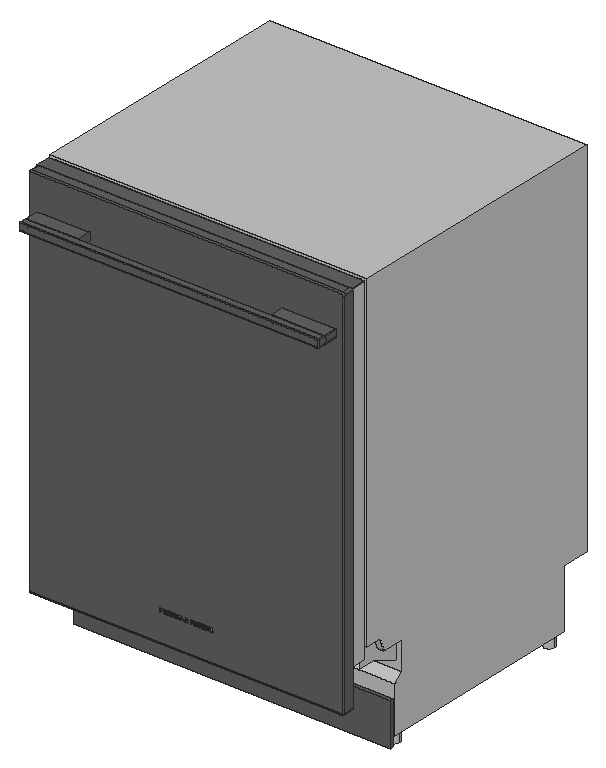
Revit family "FP_Revit_18_DW60UD6B_Dishwasher_90000924A", category Specialty Equipment, Revit 2018
Family settings
  Round Connector Dimension = Use Diameter
  Part Type = Normal
  OmniClass Number = 23.40.40.14.31
  OmniClass Title = Cleaning and Disposal Equipment
  Work Plane-Based = No
  Always vertical = Yes
  Cut with Voids When Loaded = Yes
  Shared = No
  Room Calculation Point = No
Parameters
  Visibility - Clearance Required = yes
  URL = "www.fisherpaykel.com"
  Product - Width = 598 mm  # constant formula
  Product - Height (820mm - 880mm) [instance] = 820 mm
  Product - Depth = 611 mm  # constant formula
  Model = "DW60UD6B"
  Material - Trim = Fisher & Paykel - Aluminium, Dark
  Material - Door Structure = Fisher & Paykel - Grey
  Material - Door Front = Fisher & Paykel - Stainless Steel, Dark
  Material - Body = Fisher & Paykel - Grey
  Manufacturer = "Fisher & Paykel Appliances"
  Description = "60cm Dishwasher"
  Connector Description - Water = "3/4“ BSP (GB20) to suit Flat Washer"
  Connector Description - Sanitary = "Drain Hose, No Fitting Required"
  Connector Description - Electrical = "220-240 V, 50 Hz, 10 A"
  Cavity - Width = 600 mm  # constant formula
  Cavity - Depth = 574 mm  # constant formula
Reference planes
  plane 1 "Datum": y = 0
  plane 2: z = 0
  plane 3 "Center (Left/Right)": x = 0
  plane 4: z = 0
  plane 5 "Product LHS": x = -299
  plane 6 "Product RHS": x = 299
  plane 7 "Product - Depth": y = 570
  plane 8 "Cavity LHS": x = -300
  plane 9 "Cavity RHS": x = 300
  plane 10 "Cavity - Depth": y = 574
  plane 11 "Product - Height": z = 820
  plane 12 "Chassis Datum": y = 51
  plane 13 "Cavity - Height": z = 822
  plane 14 "Door - Bottom": z = 102.962
Forms (mm)
  Extrusion 1, solid, material "Fisher & Paykel - Grey" <- "Material - Body"
    sketch origin (0, 0, 0) x (0, 1, 0) y (0, 0, 1)
      loop
        line (51, 820) -> (51, 198.6) -> (81.7, 198.6) -> (90.799, 173.6) -> (134.7, 173.6) -> (134.7, 120.204) -> (116.734, 107.624) -> (116.734, 18.7) -> (516.67, 18.7) -> (516.67, 130.624) -> (570, 130.624) -> (570, 820) -> (51, 820)
    from -299 to 299
  Extrusion 2, solid, material "Fisher & Paykel - Grey" <- "Material - Body"
    sketch origin (0, 0, 0) x (1, 0, 0) y (0, 1, 0)
      loop
        circle (-285.4, 498.97) r 10.3
      loop
        circle (-285.4, 133.3) r 10.3
      loop
        circle (285.4, 498.97) r 10.3
      loop
        circle (285.4, 133.3) r 10.3
    from 0 to 18.7
  Extrusion 3, solid, material "Fisher & Paykel - Clearance Required", visible <- "Visibility - Clearance Required", detail levels coarse
    sketch origin (0, 0, 0) x (1, 0, 0) y (0, 1, 0)
      loop
        line (300, 574) -> (-300, 574) -> (-300, 0) -> (300, 0) -> (300, 574)
    from 0 to 822
  Extrusion 4, solid, material "Fisher & Paykel - Grey" <- "Material - Door Structure"
    sketch origin (0, 0, 0) x (1, 0, 0) y (0, 1, 0)
      loop
        line (-297.414, 47.207) -> (-297.414, 19.457) -> (297.5, 19.457) -> (297.5, 47.207) -> (287.406, 47.207) -> (287.406, 51) -> (-287.406, 51) -> (-287.406, 47.207) -> (-297.414, 47.207)
    from 177.3 to 816.6
  Extrusion 5, solid, material "Fisher & Paykel - Grey" <- "Material - Body", detail levels fine
    sketch origin (0, 0, 0) x (0, 1, 0) y (0, 0, 1)
      loop
        line (85.105, 156.8) -> (134.7, 135.748) -> (134.7, 173.6) -> (90.799, 173.6) -> (81.7, 198.6) -> (51, 198.6) -> (51, 156.8) -> (85.105, 156.8)
    from 286 to 287
  Extrusion 6, solid, material "Fisher & Paykel - Grey" <- "Material - Body", detail levels fine
    sketch origin (0, 0, 0) x (0, 1, 0) y (0, 0, -1)
      loop
        line (85.105, -156.8) -> (51, -156.8) -> (51, -198.6) -> (81.7, -198.6) -> (90.799, -173.6) -> (134.7, -173.6) -> (134.7, -135.748) -> (85.105, -156.8)
    from 286 to 287
  Extrusion 7, solid, material "Fisher & Paykel - Stainless Steel, Dark" <- "Material - Door Front", detail levels medium+fine
    sketch origin (0, 0, 0) x (0, 1, 0) y (0, 0, 1)
      loop
        line (107.602, 82.75) -> (107.602, 1.95) -> (114.002, 1.95) -> (114.002, 82.75) -> (107.602, 82.75)
    from -299 to 299
  Extrusion 8, solid, material "Fisher & Paykel - Grey" <- "Material - Body", detail levels fine
    sketch origin (0, 0, 0) x (1, 0, 0) y (0, 0, 1)
      loop
        circle (250.5, 79.95) r 4.458
      loop
        circle (-230.1, 84.15) r 9.5
      loop
        circle (-100.1, 84.15) r 9.5
    from -531.002 to -516.67
  Extrusion 9, solid, material "Fisher & Paykel - Clearance Required", visible <- "Visibility - Clearance Required", detail levels coarse
    sketch origin (0, 0, 0) x (0, 1, 0) y (0, 0, 1)
      loop
        line (-591.036, 103.6) -> (0, 103.6) -> (0, 820)
        arc (0, 820) -> (-446.925, 586.712) -> (-591.036, 103.6) r 647.443
    from -300 to 300
  Extrusion 10, solid, material "Fisher & Paykel - Stainless Steel, Dark" <- "Material - Door Front"
    sketch origin (0, 0, 0) x (1, 0, 0) y (0, 0, 1)
      loop
        arc (-293.414, 817.7) -> (-296.242, 816.528) -> (-297.414, 813.7) r 4
        line (-297.414, 813.7) -> (-297.414, 106.962)
        arc (-297.414, 106.962) -> (-296.242, 104.133) -> (-293.414, 102.962) r 4
        line (-293.414, 102.962) -> (293.5, 102.962)
        arc (293.5, 102.962) -> (296.328, 104.133) -> (297.5, 106.962) r 4
        line (297.5, 106.962) -> (297.5, 813.7)
        arc (297.5, 813.7) -> (296.328, 816.528) -> (293.5, 817.7) r 4
        line (293.5, 817.7) -> (-293.414, 817.7)
    from -19.457 to 0
  Extrusion 11, solid, material "Fisher & Paykel - Aluminium, Dark" <- "Material - Trim", detail levels fine
    sketch origin (0, 0, 0) x (1, 0, 0) y (0, 1, 0)
      loop
        line (-297.414, 47.207) -> (-297.414, 19.457) -> (297.5, 19.457) -> (297.5, 47.207) -> (-297.414, 47.207)
    from 816.6 to 817.7
  Sweep 12, void
    path in 3D
      loop
        arc (297.5, 0, 813.7) -> (296.328, 0, 816.528) -> (293.5, 0, 817.7) r 4
        line (293.5, 0, 817.7) -> (-293.414, 0, 817.7)
        arc (-293.414, 0, 817.7) -> (-296.242, 0, 816.528) -> (-297.414, 0, 813.7) r 4
        line (-297.414, 0, 813.7) -> (-297.414, 0, 106.962)
        arc (-297.414, 0, 106.962) -> (-296.242, 0, 104.133) -> (-293.414, 0, 102.962) r 4
        line (-293.414, 0, 102.962) -> (293.5, 0, 102.962)
        arc (293.5, 0, 102.962) -> (296.328, 0, 104.133) -> (297.5, 0, 106.962) r 4
        line (297.5, 0, 106.962) -> (297.5, 0, 813.7)
    profile origin (297.5, 0, 460.331) x (0, -1, 0) y (1, 0, 0)
      loop
        line (0, 0) -> (-2, 0)
        arc (-2, 0) -> (-0.586, -0.586) -> (0, -2) r 2
        line (0, -2) -> (0, 0)
  Extrusion 13, void
    sketch origin (0, 0, 0) x (1, 0, 0) y (0, 1, 0)
      loop
        line (300, 574) -> (-300, 574) -> (-300, 0) -> (300, 0) -> (300, 574)
    from 0 to 822
Cuts and joins
  Sweep 12 cuts Extrusion 9
  Sweep 12 cuts Extrusion 10
Lines and regions (mm)
  sketch lines
    curve 1: line (297.5, 0, 106.962) -> (297.5, 0, 813.7)
    curve 2: arc (293.5, 0, 817.7) -> (296.328, 0, 816.528) -> (297.5, 0, 813.7) r 4
    curve 3: line (293.5, 0, 817.7) -> (-293.414, 0, 817.7)
    curve 4: arc (-297.414, 0, 813.7) -> (-296.242, 0, 816.528) -> (-293.414, 0, 817.7) r 4
    curve 5: line (-297.414, 0, 813.7) -> (-297.414, 0, 106.962)
    curve 6: arc (-293.414, 0, 102.962) -> (-296.242, 0, 104.133) -> (-297.414, 0, 106.962) r 4
    curve 7: line (-293.414, 0, 102.962) -> (293.5, 0, 102.962)
    curve 8: arc (297.5, 0, 106.962) -> (296.328, 0, 104.133) -> (293.5, 0, 102.962) r 4
Text (mm)
  text "Due to ongoing product development, product details are subject to change without notice. \nPlease always refer to www.fisherpaykel.com for the most current product information. \n© Fisher & Paykel 2020" at (41.04, -690.05, 0), in view "Ref. Level (Plan)"
Dimensions and locks
  equal spacing: plane 5 "Product LHS", plane 3 "Center (Left/Right)", plane 6 "Product RHS"
  "Product - Width": plane 5 "Product LHS" to plane 6 "Product RHS"
  equal spacing: plane 8 "Cavity LHS", plane 3 "Center (Left/Right)", plane 9 "Cavity RHS"
  "Cavity - Width": plane 8 "Cavity LHS" to plane 9 "Cavity RHS"
  Extrusion 1 sketch curve to Extrusion 1 sketch curve = 801.3 mm
  plane 1 "Datum" to plane 12 "Chassis Datum" = 51 mm
  plane 13 "Cavity - Height" to plane 11 "Product - Height" = 2 mm
  "Product - Height (820mm - 880mm)": plane 11 "Product - Height" to level
  locked: plane 11 "Product - Height" to Extrusion 1 at 801.3
  locked: Extrusion 1 to plane 11 "Product - Height" at 689.376
  locked: Extrusion 1 to plane 11 "Product - Height" at 646.4
  locked: level to Extrusion 7 at 1.95
  locked: plane 11 "Product - Height" to Extrusion 1 at 621.4
  locked: Extrusion 8 sketch curve to plane 11 "Product - Height" at 740.05
  locked: Extrusion 8 sketch curve to plane 11 "Product - Height" at 735.85  (x2)
  "Cavity - Depth": plane 10 "Cavity - Depth" to plane 1 "Datum"
  locked: plane 11 "Product - Height" to Extrusion 4 at 642.7
  locked: plane 11 "Product - Height" to Extrusion 11 at 2.3
  locked: plane 11 "Product - Height" to Extrusion 4 at 3.4
  locked: plane 11 "Product - Height" to nested 1 at 66.823
  locked: Extrusion 4 to Extrusion 7 at 94.55
  locked: Extrusion 11 to plane 11 "Product - Height" at 3.4
  locked: plane 11 "Product - Height" to cut or joined group of Extrusion 10, Sweep 12 at 2.3
  locked: plane 11 "Product - Height" to plane 14 "Door - Bottom" at 717.038
  "Product - Depth": plane 7 "Product - Depth" to nested 1
  locked: nested 2 to plane 14 "Door - Bottom" at 55
  plane 7 "Product - Depth" to plane 1 "Datum" = 570 mm
  aligned and locked: level to plane 2
  aligned and locked: plane 8 "Cavity LHS" to Extrusion 3 sketch curve
  aligned and locked: Extrusion 3 sketch curve to plane 9 "Cavity RHS"
  aligned and locked: plane 10 "Cavity - Depth" to Extrusion 3 sketch curve
  aligned and locked: Extrusion 1 sketch curve to plane 11 "Product - Height"
  aligned and locked: Extrusion 1 sketch curve to plane 7 "Product - Depth"
  aligned and locked: plane 11 "Product - Height" to Extrusion 1
  aligned and locked: Extrusion 3 to plane 13 "Cavity - Height"
  aligned and locked: Extrusion 2 to Extrusion 1
  aligned and locked: Extrusion 1 to plane 5 "Product LHS"
  aligned and locked: Extrusion 1 to plane 6 "Product RHS"
  aligned and locked: Extrusion 7 to plane 6 "Product RHS"
  aligned and locked: plane 5 "Product LHS" to Extrusion 7
  aligned and locked: Extrusion 5 sketch curve to Extrusion 1  (x2)
  aligned and locked: Extrusion 1 to Extrusion 6 sketch curve
  aligned and locked: Extrusion 6 sketch curve to Extrusion 1
  aligned and locked: Extrusion 9 to plane 9 "Cavity RHS"
  aligned and locked: plane 8 "Cavity LHS" to Extrusion 9
  aligned and locked: plane 14 "Door - Bottom" to Extrusion 10 sketch curve
  aligned and locked: Extrusion 13 to Extrusion 3
Automatic sketch dimensions
  Extrusion 1 sketch curve to plane 12 "Chassis Datum" = 0 mm
  Extrusion 1 sketch curve to Extrusion 1 sketch curve = 30.7 mm
  Extrusion 1 sketch curve to Extrusion 1 sketch curve = 9.099 mm
  plane 12 "Chassis Datum" to Extrusion 1 sketch curve = 65.734 mm
  plane 14 "Door - Bottom" to Extrusion 1 sketch curve = 17.242 mm
  Extrusion 1 sketch curve to Extrusion 1 sketch curve = 17.965 mm
  Extrusion 1 sketch curve to plane 7 "Product - Depth" = 53.33 mm
  plane 14 "Door - Bottom" to Extrusion 1 sketch curve = 4.662 mm
  plane 14 "Door - Bottom" to Extrusion 1 sketch curve = 27.662 mm
  Extrusion 1 sketch curve to Extrusion 1 sketch curve = 53.396 mm
  Extrusion 1 sketch curve to Extrusion 1 sketch curve = 25 mm
  Extrusion 2 sketch curve to plane 5 "Product LHS" = 13.6 mm  (x2)
  plane 6 "Product RHS" to Extrusion 2 sketch curve = 13.6 mm  (x2)
  plane 12 "Chassis Datum" to Extrusion 2 sketch curve = 82.3 mm  (x2)
  Extrusion 2 sketch curve to plane 7 "Product - Depth" = 71.03 mm  (x2)
  plane 1 "Datum" to Extrusion 3 sketch curve = 0 mm
  Extrusion 4 sketch curve to plane 12 "Chassis Datum" = 0 mm
  Extrusion 4 sketch curve to plane 5 "Product LHS" = 1.586 mm
  Extrusion 4 sketch curve to Extrusion 4 sketch curve = 10.008 mm
  plane 6 "Product RHS" to Extrusion 4 sketch curve = 11.594 mm
  plane 6 "Product RHS" to Extrusion 4 sketch curve = 1.5 mm
  Extrusion 4 sketch curve to plane 12 "Chassis Datum" = 3.793 mm  (x2)
  Extrusion 4 sketch curve to plane 1 "Datum" = 19.457 mm
  Extrusion 5 sketch curve to plane 12 "Chassis Datum" = 0 mm
  Extrusion 5 sketch curve to Extrusion 5 sketch curve = 30.7 mm
  Extrusion 5 sketch curve to Extrusion 5 sketch curve = 34.105 mm
  Extrusion 5 sketch curve to Extrusion 5 sketch curve = 5.695 mm
  plane 14 "Door - Bottom" to Extrusion 5 sketch curve = 32.786 mm
  Extrusion 5 sketch curve to Extrusion 5 sketch curve = 49.595 mm
  Extrusion 5 sketch curve to Extrusion 5 sketch curve = 16.8 mm
  Extrusion 6 sketch curve to plane 12 "Chassis Datum" = 0 mm
  Extrusion 6 sketch curve to Extrusion 6 sketch curve = 30.7 mm
  Extrusion 6 sketch curve to Extrusion 6 sketch curve = 34.105 mm
  Extrusion 6 sketch curve to Extrusion 6 sketch curve = 5.695 mm
  plane 14 "Door - Bottom" to Extrusion 6 sketch curve = 32.786 mm
  Extrusion 6 sketch curve to Extrusion 6 sketch curve = 49.595 mm
  Extrusion 6 sketch curve to Extrusion 6 sketch curve = 16.8 mm
  level to Extrusion 7 sketch curve = 1.95 mm
  plane 12 "Chassis Datum" to Extrusion 7 sketch curve = 56.602 mm
  Extrusion 7 sketch curve to Extrusion 7 sketch curve = 6.4 mm
  Extrusion 7 sketch curve to plane 14 "Door - Bottom" = 20.212 mm
  Extrusion 8 sketch curve to plane 5 "Product LHS" = 68.9 mm
  Extrusion 8 sketch curve to plane 3 "Center (Left/Right)" = 100.1 mm
  plane 6 "Product RHS" to Extrusion 8 sketch curve = 48.5 mm
  Extrusion 9 sketch curve to plane 1 "Datum" = 0 mm
  Extrusion 9 sketch curve to plane 11 "Product - Height" = 0 mm
  plane 14 "Door - Bottom" to Extrusion 9 sketch curve = 0.638 mm
  plane 1 "Datum" to Extrusion 9 sketch curve = 591.036 mm
  plane 12 "Chassis Datum" to Extrusion 9 sketch curve = 1.493 mm
  Extrusion 10 sketch curve to plane 5 "Product LHS" = 1.586 mm
  Extrusion 10 sketch curve to plane 5 "Product LHS" = 5.586 mm
  Extrusion 10 sketch curve to Extrusion 10 sketch curve = 4 mm
  Extrusion 10 sketch curve to plane 11 "Product - Height" = 2.3 mm
  plane 6 "Product RHS" to Extrusion 10 sketch curve = 5.5 mm  (x2)
  plane 6 "Product RHS" to Extrusion 10 sketch curve = 1.5 mm
  Extrusion 11 sketch curve to plane 5 "Product LHS" = 1.586 mm
  plane 6 "Product RHS" to Extrusion 11 sketch curve = 1.5 mm
  Extrusion 11 sketch curve to plane 1 "Datum" = 19.457 mm
  Extrusion 11 sketch curve to plane 12 "Chassis Datum" = 3.793 mm
  Sweep 12 sketch curve to profile plane = 0 mm  (x2)
  profile plane to Sweep 12 sketch curve = 2 mm
  Extrusion 13 sketch curve to plane 8 "Cavity LHS" = 0 mm
  plane 1 "Datum" to Extrusion 13 sketch curve = 0 mm
  Extrusion 13 sketch curve to plane 9 "Cavity RHS" = 0 mm
  Extrusion 13 sketch curve to plane 10 "Cavity - Depth" = 0 mm
  radius of Extrusion 2 sketch curve = 10.3 mm  (x4)
  radius of Extrusion 8 sketch curve = 4.458 mm
  radius of Extrusion 8 sketch curve = 9.5 mm  (x2)
Nested families
  nested 1: "F&P Handle Contemporary Square - Horizontal" at (0, 0, 745.199), type "565mm (Dark)"
  nested 2: "F&P Logo 100mm" at (0, 0, 157.962), type "F&P Logo 100mm"
Connectors
  electrical at (250.5, 531.002, 79.95), driven by "Connector Description - Electrical"
    settings: on Extrusion 8, index 1, voltage 230 V, apparent load 0 VA, apparent load phase1 0 VA, apparent load phase2 0 VA, apparent load phase3 0 VA, power factor 1, load classification "Other", number of poles 1, system type 30, power factor state 1, is connector primary yes, connector utility no, sub classification motor no, connector description "220-240 V, 50 Hz, 10 A"
  piping at (-230.1, 531.002, 84.15), diameter 19, driven by "Connector Description - Sanitary"
    settings: on Extrusion 8, index 2, connector inside diameter 609.6 mm, connector length 0 mm, flow factor 0, pipe flow 0.0 L/s, pressure drop 0.0 Pa, fitting loss kfactor 0, connector angle 0.00°, fixture units 0, engagement length 0 mm, angle of deflection 0.00°, flow configuration 0, flow direction 2, fitting loss method 0, system type 16, joint type 0, gender type 0, connector reference index -1, connector utility 0, adjustable connector no, is connector primary yes, connector description "Drain Hose, No Fitting Required"
  piping at (-100.1, 531.002, 84.15), diameter 19, driven by "Connector Description - Water"
    settings: on Extrusion 8, index 3, connector inside diameter 609.6 mm, connector length 0 mm, flow factor 0, pipe flow 0.0 L/s, pressure drop 0.0 Pa, fitting loss kfactor 0, connector angle 0.00°, fixture units 0, engagement length 0 mm, angle of deflection 0.00°, flow configuration 0, flow direction 1, fitting loss method 0, system type 20, joint type 0, gender type 0, connector reference index -1, connector utility 0, adjustable connector no, is connector primary no, connector description "3/4“ BSP (GB20) to suit Flat Washer"
Definition of nested family "F&P Handle Contemporary Square - Horizontal"
  Parameters (values of type "565mm (Dark)")
    URL = "www.fisherpaykel.com"
    Material - Handle = none
    Manufacturer = "Fisher & Paykel Appliances"
    Handle - Standoff = 100 mm
    Handle - Length = 565 mm
  Types (2): name
    565mm
    565mm (Dark)
  Reference planes
    plane 1 "Center (Front/Back)": y = 0
    plane 2: z = 0
    plane 3 "Center (Left/Right)": x = 0
    plane 4 "Product LHS": x = -282.5
    plane 5 "Product RHS": x = 282.5
    plane 6 "LHS Standoff": x = -182.5
    plane 7 "RHS Standoff": x = 182.5
  Forms (mm)
    Extrusion 1, solid, material <- "Material - Handle", detail levels fine
      sketch origin (0, 0, 0) x (0, 1, 0) y (0, 0, 1)
        loop
          arc (-27.701, 7.561) -> (-28.057, 7.868) -> (-28.514, 7.978) r 1
          line (-28.514, 7.978) -> (-39.5, 7.978)
          arc (-39.5, 7.978) -> (-40.561, 7.539) -> (-41, 6.478) r 1.5
          line (-41, 6.478) -> (-41, -6.522)
          arc (-41, -6.522) -> (-40.561, -7.583) -> (-39.5, -8.022) r 1.5
          line (-39.5, -8.022) -> (-28.487, -8.022)
          arc (-28.487, -8.022) -> (-28.029, -7.911) -> (-27.673, -7.602) r 1
          arc (-27.673, -7.602) -> (-25.256, -0.016) -> (-27.701, 7.561) r 13.038
      from -282.5 to 282.5
    Extrusion 2, solid, material <- "Material - Handle", detail levels fine
      sketch origin (0, 0, 0) x (0, 1, 0) y (0, 0, 1)
        loop
          arc (-27.23, 7.062) -> (-25.156, 0.008) -> (-27.198, -7.056) r 13.136
          arc (-27.198, -7.056) -> (-27.21, -7.463) -> (-26.86, -7.67) r 0.4
          line (-26.86, -7.67) -> (0, -7.67) -> (0, 7.678) -> (-26.893, 7.678)
          arc (-26.893, 7.678) -> (-27.244, 7.47) -> (-27.23, 7.062) r 0.4
      from 182.5 to 282.5
    Extrusion 3, solid, material <- "Material - Handle", detail levels fine
      sketch origin (0, 0, 0) x (0, 1, 0) y (0, 0, -1)
        loop
          arc (-27.23, -7.062) -> (-27.244, -7.47) -> (-26.893, -7.678) r 0.4
          line (-26.893, -7.678) -> (0, -7.678) -> (0, 7.67) -> (-26.86, 7.67)
          arc (-26.86, 7.67) -> (-27.21, 7.463) -> (-27.198, 7.056) r 0.4
          arc (-27.198, 7.056) -> (-25.156, -0.008) -> (-27.23, -7.062) r 13.136
      from 182.5 to 282.5
    Sweep 4, void
      path in 3D
        loop
          line (282.5, -28.514, 7.978) -> (282.5, -39.5, 7.978)
          arc (282.5, -39.5, 7.978) -> (282.5, -40.561, 7.539) -> (282.5, -41, 6.478) r 1.5
          line (282.5, -41, 6.478) -> (282.5, -41, -6.522)
          arc (282.5, -41, -6.522) -> (282.5, -40.561, -7.583) -> (282.5, -39.5, -8.022) r 1.5
          line (282.5, -39.5, -8.022) -> (282.5, -28.487, -8.022)
      profile origin (282.5, -34.007, 7.978) x (1, 0, 0) y (0, 0, 1)
        loop
          line (0, 0) -> (-1.3, 0) -> (0, -1.3) -> (0, 0)
    Sweep 5, void
      path in 3D
        loop
          line (-282.5, -28.487, -8.022) -> (-282.5, -39.5, -8.022)
          arc (-282.5, -39.5, -8.022) -> (-282.5, -40.561, -7.583) -> (-282.5, -41, -6.522) r 1.5
          line (-282.5, -41, -6.522) -> (-282.5, -41, 6.478)
          arc (-282.5, -41, 6.478) -> (-282.5, -40.561, 7.539) -> (-282.5, -39.5, 7.978) r 1.5
          line (-282.5, -39.5, 7.978) -> (-282.5, -28.514, 7.978)
      profile origin (-282.5, -34.007, 7.978) x (-1, 0, 0) y (0, 0, 1)
        loop
          line (0, 0) -> (-1.3, 0) -> (0, -1.3) -> (0, 0)
    Extrusion 6, void
      sketch origin (0, 0, 0) x (1, 0, 0) y (0, 0, 1)
        loop
          line (282.5, 7.978) -> (281.2, 7.978) -> (282.5, 6.678) -> (282.5, 7.978)
        loop
          line (282.5, -8.022) -> (282.5, -6.722) -> (281.2, -8.022) -> (282.5, -8.022)
      from 0 to 28.514
    Extrusion 7, void
      sketch origin (0, 0, 0) x (1, 0, 0) y (0, 0, 1)
        loop
          line (-282.5, 7.978) -> (-282.5, 6.678) -> (-281.2, 7.978) -> (-282.5, 7.978)
        loop
          line (-282.5, -8.022) -> (-281.2, -8.022) -> (-282.5, -6.722) -> (-282.5, -8.022)
      from 0 to 28.487
    Extrusion 8, solid, material <- "Material - Handle", detail levels coarse+medium
      sketch origin (0, 0, 0) x (1, 0, 0) y (0, 1, 0)
        loop
          line (-282.5, -41) -> (282.5, -41) -> (282.5, 0) -> (182.5, 0) -> (182.5, -26.156) -> (-182.5, -26.156) -> (-182.5, 0) -> (-282.5, 0) -> (-282.5, -41)
      from -8.022 to 7.978
  Cuts and joins
    Sweep 4, Sweep 5, Extrusion 6, Extrusion 7 cuts Extrusion 1
    Extrusion 6 cuts Extrusion 2
    Extrusion 7 cuts Extrusion 3
  Lines and regions (mm)
    sketch lines
      curve 1: line (282.5, -28.514, 7.978) -> (282.5, -39.5, 7.978)
      curve 2: arc (282.5, -41, 6.478) -> (282.5, -40.561, 7.539) -> (282.5, -39.5, 7.978) r 1.5
      curve 3: line (282.5, -41, 6.478) -> (282.5, -41, -6.522)
      curve 4: arc (282.5, -39.5, -8.022) -> (282.5, -40.561, -7.583) -> (282.5, -41, -6.522) r 1.5
      curve 5: line (282.5, -39.5, -8.022) -> (282.5, -28.487, -8.022)
      curve 6: line (-282.5, -39.5, 7.978) -> (-282.5, -28.514, 7.978)
      curve 7: arc (-282.5, -39.5, 7.978) -> (-282.5, -40.561, 7.539) -> (-282.5, -41, 6.478) r 1.5
      curve 8: line (-282.5, -41, -6.522) -> (-282.5, -41, 6.478)
      curve 9: arc (-282.5, -41, -6.522) -> (-282.5, -40.561, -7.583) -> (-282.5, -39.5, -8.022) r 1.5
      curve 10: line (-282.5, -28.487, -8.022) -> (-282.5, -39.5, -8.022)
  Dimensions and locks
    equal spacing: plane 4 "Product LHS", plane 3 "Center (Left/Right)", plane 5 "Product RHS"
    "Handle - Length": plane 4 "Product LHS" to plane 5 "Product RHS"
    "Handle - Standoff": plane 4 "Product LHS" to plane 6 "LHS Standoff"
    "Handle - Standoff": plane 7 "RHS Standoff" to plane 5 "Product RHS"
    Extrusion 8 to plane 1 "Center (Front/Back)" = 41 mm
    aligned and locked: level to plane 2
    aligned and locked: Extrusion 1 to plane 5 "Product RHS"
    aligned and locked: plane 4 "Product LHS" to Extrusion 1
    aligned and locked: Extrusion 2 to plane 5 "Product RHS"
    aligned and locked: plane 4 "Product LHS" to Extrusion 3
    aligned and locked: plane 4 "Product LHS" to Extrusion 8 sketch curve
    aligned and locked: Extrusion 8 sketch curve to plane 5 "Product RHS"
    aligned and locked: Extrusion 8 sketch curve to plane 7 "RHS Standoff"
    aligned and locked: plane 6 "LHS Standoff" to Extrusion 8 sketch curve
    aligned and locked: Extrusion 2 to plane 7 "RHS Standoff"
    aligned and locked: plane 6 "LHS Standoff" to Extrusion 3
  Automatic sketch dimensions
    Extrusion 1 sketch curve to level = 6.522 mm
    plane 1 "Center (Front/Back)" to Extrusion 1 sketch curve = 41 mm
    Extrusion 1 sketch curve to Extrusion 1 sketch curve = 1.5 mm  (x2)
    Extrusion 1 sketch curve to level = 0.04 mm
    Extrusion 1 sketch curve to Extrusion 1 sketch curve = 1.206 mm
    level to Extrusion 1 sketch curve = 6.978 mm
    Extrusion 1 sketch curve to Extrusion 1 sketch curve = 10.986 mm
    Extrusion 1 sketch curve to Extrusion 1 sketch curve = 11.013 mm
    Extrusion 1 sketch curve to Extrusion 1 sketch curve = 1 mm
    level to Extrusion 1 sketch curve = 6.478 mm
    Extrusion 1 sketch curve to Extrusion 1 sketch curve = 0 mm
    Extrusion 2 sketch curve to plane 1 "Center (Front/Back)" = 0 mm
    Extrusion 2 sketch curve to level = 7.67 mm
    Extrusion 2 sketch curve to Extrusion 2 sketch curve = 26.86 mm
    level to Extrusion 2 sketch curve = 7.678 mm
    Extrusion 2 sketch curve to Extrusion 2 sketch curve = 0.033 mm
    Extrusion 2 sketch curve to level = 0.022 mm
    Extrusion 2 sketch curve to Extrusion 2 sketch curve = 11.398 mm
    Extrusion 2 sketch curve to Extrusion 2 sketch curve = 0.4 mm  (x2)
    Extrusion 2 sketch curve to Extrusion 2 sketch curve = 0 mm
    Extrusion 3 sketch curve to plane 1 "Center (Front/Back)" = 0 mm
    Extrusion 3 sketch curve to level = 7.67 mm
    Extrusion 3 sketch curve to Extrusion 3 sketch curve = 26.86 mm
    level to Extrusion 3 sketch curve = 7.678 mm
    Extrusion 3 sketch curve to Extrusion 3 sketch curve = 0.033 mm
    Extrusion 3 sketch curve to level = 0.022 mm
    Extrusion 3 sketch curve to Extrusion 3 sketch curve = 11.398 mm
    Extrusion 3 sketch curve to Extrusion 3 sketch curve = 0.4 mm  (x2)
    Extrusion 3 sketch curve to Extrusion 3 sketch curve = 0 mm
    profile plane to Sweep 4 sketch curve = 0 mm
    Sweep 4 sketch curve to profile plane = 0 mm
    Sweep 4 sketch curve to profile plane = 1.3 mm
    profile plane to Sweep 4 sketch curve = 1.3 mm
    Sweep 5 sketch curve to profile plane = 0 mm  (x2)
    profile plane to Sweep 5 sketch curve = 1.3 mm
    Sweep 5 sketch curve to profile plane = 1.3 mm
    plane 5 "Product RHS" to Extrusion 6 sketch curve = 0 mm  (x2)
    Extrusion 6 sketch curve to Extrusion 6 sketch curve = 1.3 mm  (x4)
    Extrusion 6 sketch curve to level = 6.722 mm
    level to Extrusion 6 sketch curve = 6.678 mm
    plane 4 "Product LHS" to Extrusion 7 sketch curve = 0 mm  (x2)
    Extrusion 7 sketch curve to plane 4 "Product LHS" = 1.3 mm  (x2)
    Extrusion 7 sketch curve to level = 8.022 mm
    level to Extrusion 7 sketch curve = 6.678 mm
    Extrusion 7 sketch curve to Extrusion 7 sketch curve = 1.3 mm  (x2)
    plane 1 "Center (Front/Back)" to Extrusion 8 sketch curve = 0 mm  (x2)
    Extrusion 8 sketch curve to Extrusion 8 sketch curve = 26.156 mm
    Extrusion 8 sketch curve to Extrusion 8 sketch curve = 41 mm
Definition of nested family "F&P Logo 100mm"
  Parameters (values of type "F&P Logo 100mm")
    URL = "www.fisherpaykel.com"
    Material - Logo = none
    Manufacturer = "Fisher & Paykel Appliances"
  Reference planes
    plane 1 "Center (Front/Back)": y = 0
    plane 2: z = 0
    plane 3 "Center (Left/Right)": x = 0
  Forms (mm)
    Extrusion 1, solid, material <- "Material - Logo", detail levels fine
      sketch origin (0, 0, 0) x (1, 0, 0) y (0, 0, 1)
        loop
          line (-50.044, 0) -> (-48.47, 0) -> (-48.47, 2.138) -> (-46.011, 2.138) -> (-46.011, 3.472) -> (-48.47, 3.472) -> (-48.47, 4.712) -> (-45.795, 4.712) -> (-45.795, 6.04) -> (-50.044, 6.04) -> (-50.044, 0)
        loop
          line (-42.804, 6.04) -> (-42.804, 0) -> (-41.23, 0) -> (-41.23, 6.04) -> (-42.804, 6.04)
        loop
          line (-30.724, 6.04) -> (-30.724, 0) -> (-29.151, 0) -> (-29.151, 2.42) -> (-26.839, 2.42) -> (-26.839, 0) -> (-25.265, 0) -> (-25.265, 6.04) -> (-26.839, 6.04) -> (-26.839, 3.748) -> (-29.151, 3.748) -> (-29.151, 6.04) -> (-30.724, 6.04)
        loop
          line (-21.906, 6.04) -> (-21.906, 0) -> (-17.602, 0) -> (-17.602, 1.328) -> (-20.347, 1.328) -> (-20.347, 2.42) -> (-17.838, 2.42) -> (-17.838, 3.748) -> (-20.347, 3.748) -> (-20.347, 4.712) -> (-17.602, 4.712) -> (-17.602, 6.04) -> (-21.906, 6.04)
        loop
          line (45.667, 6.04) -> (45.667, 0) -> (49.956, 0) -> (49.956, 1.328) -> (47.241, 1.328) -> (47.241, 6.04) -> (45.667, 6.04)
        loop
          line (42.431, 6.04) -> (38.112, 6.04) -> (38.112, 0) -> (42.431, 0) -> (42.431, 1.328) -> (39.687, 1.328) -> (39.687, 2.42) -> (42.195, 2.42) -> (42.195, 3.748) -> (39.687, 3.748) -> (39.687, 4.712) -> (42.431, 4.712) -> (42.431, 6.04)
        loop
          line (33.451, 3.148) -> (35.683, 6.04) -> (33.844, 6.04) -> (31.915, 3.542) -> (31.915, 6.04) -> (30.342, 6.04) -> (30.342, 0) -> (31.915, 0) -> (31.915, 2.705) -> (33.903, 0) -> (35.763, 0) -> (33.451, 3.148)
        loop
          line (21.98, 6.04) -> (24.262, 2.42) -> (24.262, 0) -> (25.837, 0) -> (25.837, 2.341) -> (28.119, 6.04) -> (26.446, 6.04) -> (25.099, 3.707) -> (23.753, 6.04) -> (21.98, 6.04)
        loop
          line (18.479, 6.04) -> (16.983, 6.04) -> (14.524, 0) -> (16.069, 0) -> (16.501, 1.112) -> (18.921, 1.112) -> (19.354, 0) -> (20.938, 0) -> (18.479, 6.04)
        loop
          line (18.4, 2.439) -> (17.693, 4.174) -> (17.018, 2.439) -> (18.4, 2.439)
        loop
          line (8.031, 6.04) -> (8.031, 0) -> (9.605, 0) -> (9.605, 1.938) -> (10.599, 1.938)
          arc (10.599, 1.938) -> (12.65, 3.989) -> (10.599, 6.04) r 2.051
          line (10.599, 6.04) -> (8.031, 6.04)
        loop
          line (9.605, 4.712) -> (9.605, 3.197) -> (10.501, 3.197)
          arc (10.501, 3.197) -> (11.259, 3.954) -> (10.501, 4.712) r 0.757
          line (10.501, 4.712) -> (9.605, 4.712)
        loop
          line (-11.783, 6.04) -> (-14.366, 6.04) -> (-14.366, 0) -> (-12.792, 0) -> (-12.792, 1.336) -> (-11.992, 1.336) -> (-10.972, 0) -> (-9.153, 0) -> (-10.694, 1.973)
          arc (-10.694, 1.973) -> (-9.678, 4.424) -> (-11.783, 6.04) r 2.179
        loop
          line (-11.897, 4.712) -> (-12.792, 4.712) -> (-12.792, 3.053) -> (-11.897, 3.053)
          arc (-11.897, 3.053) -> (-11.068, 3.882) -> (-11.897, 4.712) r 0.83
        loop
          line (0.477, 4.712) -> (0.477, 6.153) -> (-3.575, 6.153) -> (-3.575, 4.851) -> (-2.974, 4.112)
          arc (-2.974, 4.112) -> (-3.51, 0.684) -> (-0.045, 0.512) r 2.334
          line (-0.045, 0.512) -> (0.46, -0.109) -> (2.246, -0.109) -> (0.86, 1.594) -> (2.061, 3.324) -> (0.443, 3.324) -> (-0.013, 2.667) -> (-1.677, 4.712) -> (0.477, 4.712)
        loop
          arc (-2.125, 3.068) -> (-2.269, 1.668) -> (-0.868, 1.524) r 0.996
          line (-0.868, 1.524) -> (-2.125, 3.068)
        loop
          line (-35.18, 3.634) -> (-36.516, 3.91)
          arc (-36.516, 3.91) -> (-37.049, 4.443) -> (-36.516, 4.976) r 0.533
          arc (-36.516, 4.976) -> (-35.235, 4.79) -> (-34.059, 4.248) r 4.505
          line (-34.059, 4.248) -> (-34.059, 5.743)
          arc (-34.059, 5.743) -> (-35.549, 6.179) -> (-37.1, 6.109) r 4.726
          arc (-37.1, 6.109) -> (-38.536, 4.335) -> (-37.1, 2.561) r 1.814
          line (-37.1, 2.561) -> (-35.754, 2.282)
          arc (-35.754, 2.282) -> (-35.221, 1.749) -> (-35.754, 1.216) r 0.533
          arc (-35.754, 1.216) -> (-37.035, 1.402) -> (-38.211, 1.945) r 4.505
          line (-38.211, 1.945) -> (-38.211, 0.449)
          arc (-38.211, 0.449) -> (-36.72, 0.013) -> (-35.169, 0.083) r 4.726
          arc (-35.169, 0.083) -> (-33.734, 1.863) -> (-35.18, 3.634) r 1.814
      from 0 to 0.8
  Dimensions and locks
    aligned and locked: level to plane 2
